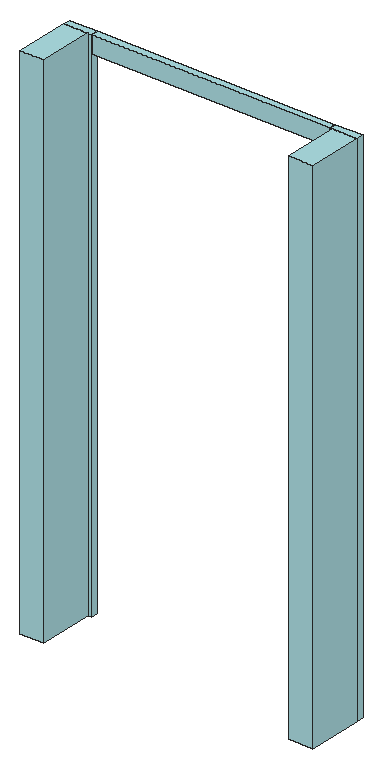
Revit family "Витраж_четверть_расшир.02", category Окна, Revit 2021
Family settings
  Основа = Стена
  Номер OmniClass = 23.30.20.00
  Заголовок OmniClass = Windows
  Всегда вертикально = Да
  При загрузке вырезать с полостями = Нет
  Общий = Нет
  Точка принадлежности помещению = Нет
Parameters (values of type "1760x3135")
  Четверь_ширина = 95 mm
  Четверь сверху_ширина = 75 mm
  Четверть_глубина [instance] = 60 mm
  Утепл_02_ширина = 210 mm
  Утепл_02_Отступ от внутреннего края = 90 mm
  Утепл_01_ширина = 230 mm
  Утепл_01_глубина = 40 mm
  Утепл_01_Смещение = 0 mm
  Утепл_01_Высота = 103 mm
  Примерная ширина вунутр проема = 1300 mm
  Rough Width = 1470 mm
  Rough Height = 3030 mm
  Поротерм_толщина = 250 mm
  Откос_толщина = 10 mm
  Определить тепловые свойства по = Тип схем
  Нащельник_глубина полки = 20 mm
  Нащельник_Ширина_полки = 28 mm
  Нащельник_Толщина = 2 mm
  Нащельник_Смещение_Сбоку = 190 mm
  Мат_Утепл_02 = BRU_Минераловатная плита ТехноБлок 80
  Мат_Утепл_01 = BRU_Минераловатная плита ТехноБлок 80
  Мат_Откос = Кирпич, бежевый
  Мат_Нащелник = none
  Группа модели = "Элемент фасада"
  Height = Rough Height + Утепл_01_Высота - Утепл_01_Смещение + Нащельник_Толщина  # 3135 mm
  Высота подоконника по умолчанию = 0 mm
  Замыкание стены = По основе
  Width = Rough Width + Утепл_02_ширина * 2  # 1890 mm
  Внутренний_проем_Ширина = 0 mm
  Вид_Откос = no
  Вид_Нащ_СО = Вид_Откос  # no
  Вид_Нащ_БО = not(Вид_Откос)  # yes
  Аналитическая конструкция = "<Нет>"
  ADSK_Толщина стены [instance] = 460 mm
  ADSK_Размер_Ширина = Примерная ширина вунутр проема + (Утепл_02_ширина - Четверь_ширина) * 4  # 1760 mm
  ADSK_Размер_Высота = Height  # 3135 mm
Types (2, lengths in mm): name | Утепл_02_ширина | Утепл_02_Отступ от внутреннего края | Утепл_01_ширина | Примерная ширина вунутр проема | Rough Width | Rough Height | Нащельник_Ширина_полки | Нащельник_Смещение_Сбоку | Height | Width | ADSK_Размер_Ширина | ADSK_Размер_Высота
  1760x3135 | 210 | 90 | 230 | 1300 | 1470 | 3030 | 28 | 190 | 3135 | 1890 | 1760 | 3135
  2710x3765 | 225 | 100 | 260 | 0 | 2970 | 3660 | 28.5 | 295 | 3765 | 3420 | 520 | 3765
Reference planes
  plane 1 "По центру (Вперед/Назад)": y = 0
  plane 2 "По центру (Влево/Вправо)": x = 0
  plane 3 "Слева": x = -945
  plane 4 "Справа": x = 945
  plane 5 "Подоконник": z = 0
  plane 6 "Заголовок": z = 3135
  plane 7 "Наружный": y = 230
  plane 8 "Внутренние": y = -230
  plane 9: x = -850
  plane 10: x = 850
  plane 11: z = 3060
  plane 12: y = 80
  plane 13: x = -840
  plane 14: x = 840
  plane 15: z = 3050
  plane 16: y = 290
  plane 17: x = 0
  plane 18: x = 0
  plane 19: y = -480
  plane 20: z = 3032
  plane 21: y = 230
  plane 22: y = -140
  plane 23 "Нащельник слева": x = 755
  plane 24 "Нащельник справа": x = -755
Forms (mm)
  Extrusion 1, void
    sketch origin (0, 230, 0) x (1, 0, 0) y (0, 0, 1)
      loop
        line (880, 3135) -> (-880, 3135) -> (-880, 0) -> (880, 0) -> (880, 3135)
    from 0 to 460
  Extrusion 2, void
    sketch origin (0, 230, 0) x (1, 0, 0) y (0, 0, 1)
      loop
        line (850, 3060) -> (-850, 3060) -> (-850, 0) -> (850, 0) -> (850, 3060)
    from -60 to 460
  Extrusion 3, solid, material "Кирпич, бежевый" <- "Мат_Откос", visible <- "Вид_Откос"
    sketch origin (0, 230, 0) x (1, 0, 0) y (0, 0, 1)
      loop
        line (850, 3060) -> (-850, 3060) -> (-850, 0) -> (-840, 0) -> (-840, 3050) -> (840, 3050) -> (840, 0) -> (850, 0) -> (850, 3060)
    from -60 to 0
  Extrusion 4, solid, material "BRU_Минераловатная плита ТехноБлок 80" <- "Мат_Утепл_01"
    sketch origin (0, 0, 0) x (1, 0, 0) y (0, 1, 0)
      loop
        line (715, 230) -> (715, 190) -> (880, 190) -> (880, 230) -> (715, 230)
      loop
        line (-880, 230) -> (-880, 190) -> (-715, 190) -> (-715, 230) -> (-880, 230)
    from 0 to 3135
  Extrusion 5, solid, material "BRU_Минераловатная плита ТехноБлок 80" <- "Мат_Утепл_02"
    sketch origin (0, 0, 0) x (1, 0, 0) y (0, 1, 0)
      loop
        line (735, 190) -> (735, -140) -> (880, -140) -> (880, 190) -> (735, 190)
      loop
        line (-880, 190) -> (-880, -140) -> (-735, -140) -> (-735, 190) -> (-880, 190)
    from 0 to 3135
  Extrusion 6, solid, material "BRU_Минераловатная плита ТехноБлок 80" <- "Мат_Утепл_01"
    sketch origin (0, 0, 0) x (1, 0, 0) y (0, 1, 0)
      loop
        line (-715, 190) -> (715, 190) -> (715, 230) -> (-715, 230) -> (-715, 190)
    from 3032 to 3135
  Sweep 7, solid, material <- "Мат_Нащелник", visible <- "Вид_Нащ_СО"
    path origin (0, 230, 0) x (1, 0, 0) y (0, 0, 1)
      loop
        line (840, 0) -> (840, 3050) -> (-840, 3050) -> (-840, 0)
    profile origin (840, 230, 1525) x (-1, 0, 0) y (0, -1, 0)
      loop
        line (28, 0) -> (0, 0) -> (0, -20) -> (2, -20) -> (2, -2) -> (28, -2) -> (28, 0)
  Sweep 8, solid, material <- "Мат_Нащелник", visible <- "Вид_Нащ_БО"
    path origin (0, 230, 0) x (1, 0, 0) y (0, 0, 1)
      loop
        line (755, 0) -> (755, 3060) -> (-755, 3060) -> (-755, 0)
    profile origin (755, 230, 1530) x (-1, 0, 0) y (0, -1, 0)
      loop
        line (0, 0) -> (0, -20) -> (2, -20) -> (2, -2) -> (28, -2) -> (28, 0) -> (0, 0)
  Extrusion 9, void
    sketch origin (0, 230, 0) x (1, 0, 0) y (0, 0, 1)
      loop
        line (812, 2935) -> (812, 3032) -> (-812, 3032) -> (-812, 2935) -> (812, 2935)
    from -60 to 710
Cuts and joins
  Extrusion 9 cuts Sweep 7
  Extrusion 9 cuts Sweep 8
Text (mm)
  text "Наружный" at (-1963.203, 1332.353, 0), in view "Опорный уровень"
  text "Внутренние" at (-1981.466, -818.386, 0), in view "Опорный уровень"
  text "Наружный" at (0, 701.548, 2943.296), in view "Справа"
  text "Наружный" at (0, 1241.896, 2685.409), in view "Слева"
Dimensions and locks
  equal spacing: plane 3 "Слева", plane 2 "По центру (Влево/Вправо)", plane 4 "Справа"
  "Width": plane 3 "Слева" to plane 4 "Справа"
  "Height": plane 5 "Подоконник" to plane 6 "Заголовок"
  "Высота подоконника по умолчанию": plane 5 "Подоконник" to level
  locked: plane 7 "Наружный" to host wall
  locked: plane 8 "Внутренние" to host wall
  "Четверь_ширина": plane 3 "Слева" to plane 9
  "Четверь_ширина": plane 10 to plane 4 "Справа"
  "Четверь сверху_ширина": plane 11 to plane 6 "Заголовок"
  "Четверть_глубина": plane 7 "Наружный" to plane 16
  "Откос_толщина": plane 14 to plane 10
  "Откос_толщина": plane 9 to plane 13
  "Откос_толщина": plane 15 to plane 11
  "ADSK_Толщина стены": plane 8 "Внутренние" to plane 7 "Наружный"
  equal spacing: plane 17, plane 2 "По центру (Влево/Вправо)", plane 18
  "Поротерм_толщина": plane 19 to plane 8 "Внутренние"
  "Утепл_01_глубина": Extrusion 4 sketch curve to plane 21  (x2)
  "Утепл_01_ширина": Extrusion 4 sketch curve to plane 4 "Справа"
  "Утепл_01_ширина": plane 3 "Слева" to Extrusion 4 sketch curve
  "Утепл_01_глубина": Extrusion 5 sketch curve to plane 21  (x2)
  "Утепл_02_ширина": Extrusion 5 sketch curve to plane 4 "Справа"
  "Утепл_02_ширина": plane 3 "Слева" to Extrusion 5 sketch curve
  "Утепл_01_ширина": plane 3 "Слева" to Extrusion 6 sketch curve
  "Утепл_01_ширина": Extrusion 6 sketch curve to plane 4 "Справа"
  "Утепл_01_глубина": Extrusion 6 sketch curve to plane 21
  "Утепл_01_Высота": plane 20 to plane 6 "Заголовок"
  "Утепл_01_Смещение": plane 21 to plane 7 "Наружный"
  "Нащельник_Толщина": Sweep 7 sketch curve to plane 21
  "Нащельник_Толщина": Sweep 7 sketch curve to profile plane
  "Нащельник_Ширина_полки": Sweep 7 sketch curve to profile plane
  "Нащельник_глубина полки": Sweep 7 sketch curve to plane 21
  "Нащельник_Ширина_полки": Extrusion 9 sketch curve to plane 14
  "Нащельник_Ширина_полки": plane 13 to Extrusion 9 sketch curve
  locked: Extrusion 9 sketch curve to plane 6 "Заголовок" at 200
  "Утепл_02_Отступ от внутреннего края": plane 8 "Внутренние" to plane 22
  "Внутренний_проем_Ширина": plane 17 to plane 18
  Extrusion 5 to Extrusion 5 = 1760 mm  (x3)
  plane 3 "Слева" to Extrusion 5 = 65 mm
  Extrusion 5 to plane 4 "Справа" = 65 mm
  Extrusion 5 to Extrusion 5 = 1470 mm
  Extrusion 5 to Extrusion 2 to Extrusion 5 = 30 mm, 115 mm
  "Нащельник_Смещение_Сбоку": plane 23 "Нащельник слева" to plane 4 "Справа"
  "Нащельник_Смещение_Сбоку": plane 3 "Слева" to plane 24 "Нащельник справа"
  "Нащельник_Толщина": Sweep 8 sketch curve to plane 23 "Нащельник слева"
  "Нащельник_Ширина_полки": Sweep 8 sketch curve to plane 23 "Нащельник слева"
  "Нащельник_Толщина": profile plane to Sweep 8 sketch curve
  "Нащельник_глубина полки": profile plane to Sweep 8 sketch curve
  aligned and locked: Extrusion 1 sketch curve to plane 6 "Заголовок"
  aligned and locked: plane 5 "Подоконник" to Extrusion 1 sketch curve
  aligned and locked: Extrusion 2 sketch curve to plane 11
  aligned and locked: Extrusion 2 sketch curve to plane 10
  aligned and locked: plane 5 "Подоконник" to Extrusion 2 sketch curve
  aligned and locked: Extrusion 2 sketch curve to plane 9
  aligned and locked: plane 8 "Внутренние" to Extrusion 2
  aligned and locked: Extrusion 3 sketch curve to plane 11
  aligned and locked: Extrusion 3 sketch curve to plane 10
  aligned and locked: Extrusion 3 sketch curve to plane 9
  aligned and locked: Extrusion 3 sketch curve to plane 15
  aligned and locked: Extrusion 3 sketch curve to plane 13
  aligned and locked: Extrusion 3 sketch curve to plane 14
  aligned and locked: plane 5 "Подоконник" to Extrusion 3 sketch curve
  aligned and locked: Extrusion 3 to plane 16
  aligned and locked: Extrusion 2 to Extrusion 3
  aligned and locked: plane 5 "Подоконник" to Extrusion 4
  aligned and locked: plane 5 "Подоконник" to Extrusion 5
  aligned and locked: Extrusion 5 to plane 6 "Заголовок"
  aligned and locked: Extrusion 4 to plane 6 "Заголовок"
  aligned and locked: Extrusion 6 to plane 6 "Заголовок"
  aligned and locked: Extrusion 6 to plane 20
  aligned and locked: Extrusion 4 sketch curve to plane 21  (x2)
  aligned and locked: plane 21 to Extrusion 6 sketch curve
  aligned and locked: Extrusion 3 to Extrusion 4
  aligned and locked: plane 14 to Sweep 7 sketch curve
  aligned and locked: Sweep 7 sketch curve to plane 13
  aligned and locked: plane 5 "Подоконник" to Sweep 7 sketch curve  (x2)
  aligned and locked: Sweep 7 sketch curve to plane 15
  aligned and locked: profile plane to Sweep 7 sketch curve
  aligned and locked: plane 21 to Sweep 7 sketch curve
  aligned and locked: plane 5 "Подоконник" to Sweep 8 sketch curve  (x2)
  aligned and locked: plane 20 to Extrusion 9 sketch curve
  aligned and locked: Extrusion 9 to plane 19
  aligned and locked: plane 16 to Extrusion 9
  aligned and locked: plane 22 to Extrusion 5 sketch curve  (x2)
  aligned and locked: plane 23 "Нащельник слева" to Sweep 8 sketch curve
  aligned and locked: Sweep 8 sketch curve to plane 24 "Нащельник справа"
  aligned and locked: Sweep 8 sketch curve to plane 11
Automatic sketch dimensions
  Extrusion 3 sketch curve to plane 5 "Подоконник" = 0 mm
  Extrusion 1 sketch curve to plane 10 = 30 mm
  plane 9 to Extrusion 1 sketch curve = 30 mm
  plane 9 to Extrusion 4 sketch curve = 30 mm
  Extrusion 4 sketch curve to plane 10 = 30 mm
  plane 9 to Extrusion 5 sketch curve = 30 mm
  Extrusion 5 sketch curve to plane 10 = 30 mm
  plane 7 "Наружный" to Sweep 8 sketch curve = 0 mm
  Sweep 8 sketch curve to profile plane = 0 mm
